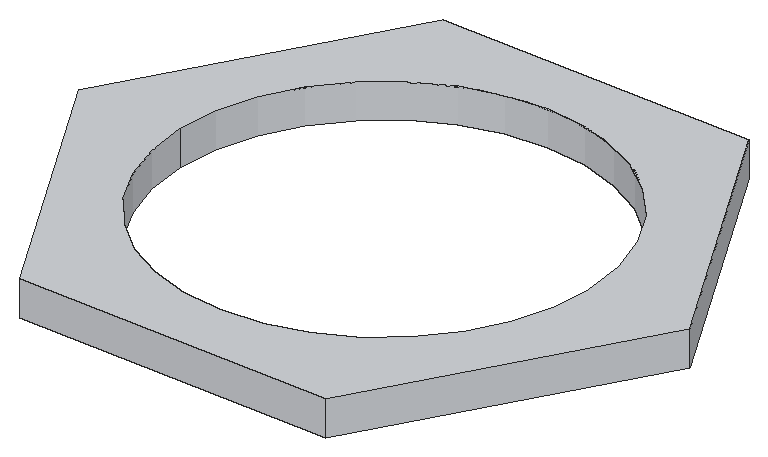
Revit family "LN3G", category Generic Models, Revit 2017
Family settings
  Can host rebar = No
  Round Connector Dimension = Use Diameter
  Part Type = Normal
  Work Plane-Based = Yes
  Always vertical = No
  Cut with Voids When Loaded = No
  Shared = No
  Room Calculation Point = No
Parameters (values of type "NBS Standard Parameters")
  Weight = "0.0159Kg"
  WarrantyStartDate [instance] = "1900-12-31T23:59:59"
  WarrantyGuarantorParts = "n/a"
  WarrantyGuarantorLabor = "n/a"
  WarrantyDurationUnit = "year"
  WarrantyDurationParts = "n/a"
  WarrantyDurationLabor = "n/a"
  WarrantyDescription = "n/a"
  Version = "1"
  Uniclass2 = "Pr_65_70_11_20"
  TagNumber [instance] = "n/a"
  SustainabilityPerformance = "n/a"
  Size = "32mm"
  Shape = "Hexagon"
  SerialNumber [instance] = "n/a"
  Revision = "n/a"
  ReplacementCost = "n/a"
  ProductInformation = "www.metpro.co.uk/pdf/ln3g.pdf"
  NominalWidth = 41 mm
  NominalLength = 41 mm
  NominalHeight = 2.7 mm
  Name = ""
  NBSTypeID = ""
  NBSReference = "90-55-10/460"
  NBSOfficeMasterTag = ""
  NBSNote = ""
  NBSDescription = "Conduit Fittings"
  NBSCertification = ""
  ModelReference = "LN3G"
  ModelNumber = "n/a"
  Material = "Steel"
  ManufacturerURL = "www.metpro.co.uk"
  ManufacturerName = "Mettpro Ltd"
  InstallationDate [instance] = "1900-12-31T23:59:59"
  IfcExportType = ""
  IfcExportAs = ""
  Grade = "n/a"
  Finish = "BZP"
  Features = "n/a"
  ExpectedLife = "n/a"
  DurationUnit = "year"
  Description = "NBS standard template"
  Default Elevation = 1219.2 mm
  Constituents = "n/a"
  Color = "n/a"
  CodePerformance = "n/a"
  Category = "n/a"
  BarCode [instance] = "n/a"
  BIMObjectName = "Role_Source_Type_Generic"
  Author = "Metpro Ltd"
  AssetType = ""
  AssetIdentifier [instance] = "n/a"
  AccessibilityPerformance = "n/a"
Reference planes
  plane 1 "Center (Front/Back)": y = 0
  plane 2: z = 0
  plane 3 "Center (Left/Right)": x = 0
Forms (mm)
  Extrusion 1, solid
    sketch origin (0, 0, 0) x (1, 0, 0) y (0, 1, 0)
      loop
        circle (10.04, 13.158) r 16
      loop
        line (-1.876, 33.797) -> (-13.792, 13.158) -> (-1.876, -7.481) -> (21.956, -7.481) -> (33.872, 13.158) -> (21.956, 33.797) -> (-1.876, 33.797)
    from 0 to 2.7
Dimensions and locks
  aligned and locked: level to plane 2
